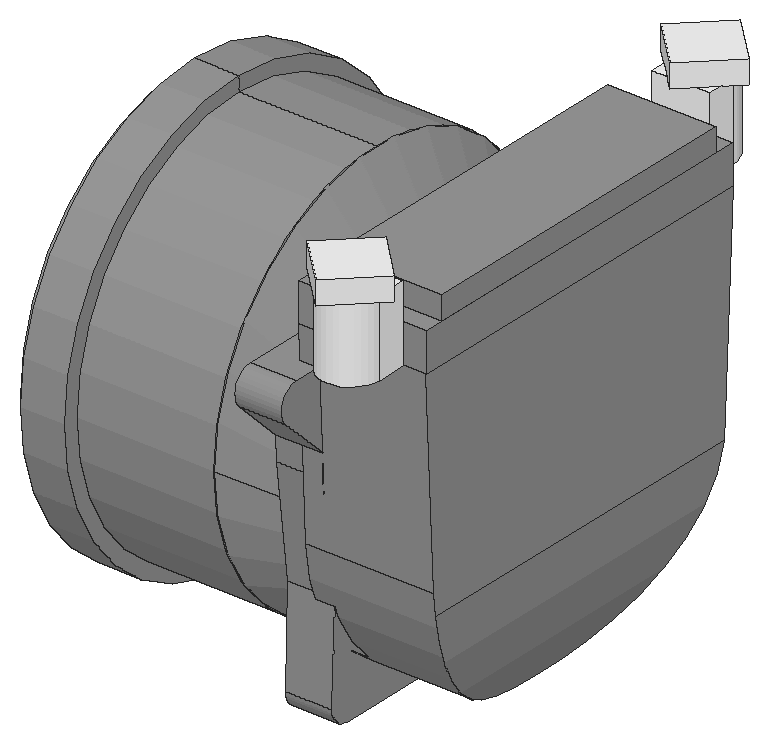
Revit family "HL_RU_Anti-flooding valve_HL720.0-A-171212", category Příslušenství trubek, Revit 2021
Family settings
  Kóta kulaté spojky = Použít průměr
  Typ dílu = Zakončení
  Číslo OmniClass = 23.65.55.14.21
  Nadpis OmniClass = Non-Return Valves for Liquid Services
  Založené na pracovní rovině = Ne
  Vždy vertikální = Ano
  Ořezat dutým tvarem při načtení = Ne
  Sdílené = Ne
Parameters (values of type "HL_Затвор_HL720.0")
  РАЗМЕР = "DN200"
  ПРОПУСКНАЯ СПОСОБНОСТЬ [instance] = 0.0 m³/h
  ПРАВОВАЯ ИНФОРМАЦИЯ = "\"Авторские права(©), права на дизайн или какие либо другие права интелектуальной собственности являются исключительной собственностью компании HL Hutterer & Lechner. Изменению не подлежит. Файл семейства с данными о прозводителе изделия защищен паролем с водяным знаком.\""
  ПАДЕНИЕ ДАВЛЕНИЯ [instance] = 0.0 Pa
  НОМИНАЛЬНЫЙ ДИАМЕТР = 200 mm
  МАТЕРИАЛ = "ABS"
  ВЫСОТА МОНТАЖА = "246 mm"
  ВЕС = "1,56 kg"
  Výrobce = "HL Hutterer & Lechner GmbH"
  Výchozí výška = 0 mm
  URL = "http://www.hutterer-lechner.com/ru/products/catalog/roof-drains/HL720.0.aspx"
  Popis = "Механический канализационный затвор"
  Model = "HL720.0"
  Komentáře k typům = "Затвор DN200 с заслонкой из нержавеющей стали и муфтой для труб из синтетического материала."
  Keynote = "HL720.0"
  EAN = "9003076172009"
  Cena = 0
Types (2, lengths in mm): name | URL | Popis | Komentáře k typům
  (no name) | "http://www.hutterer-lechner.com/en/products/catalog/roof-drains/HL720.0.aspx" | "Anti flood valves" | "anti-flood valve DN200 with stainless steel flap and socket for plastic pipes"
  HL_Затвор_HL720.0 | "http://www.hutterer-lechner.com/ru/products/catalog/roof-drains/HL720.0.aspx" | "Механический канализационный затвор" | "Затвор DN200 с заслонкой из нержавеющей стали и муфтой для труб из синтетического материала."
Values of the unnamed type that differ from the named types
  ПРАВОВАЯ ИНФОРМАЦИЯ = "\"Copyright (©), design rights or any other intellectual property rights, shall be the exclusive property of HL Hutterer & Lechner GmbH. Modification is not allowed. Family has been watermarked.\""
Reference planes
  plane 1 "Střed (vpředu/vzadu)": y = 0
  plane 2: z = 0
  plane 3 "Střed (vlevo/vpravo)": x = 0
Forms (mm)
  Extrusion 1, solid, material "Plastic - Orange", detail levels fine
    sketch origin (122, 0.5, 99.5) x (0, 1, 0) y (1, 0, 0)
      loop
        line (99.13, -83) -> (99.13, -17) -> (-98.87, -17) -> (-98.87, -83) -> (99.13, -83)
    from 0 to 20
  Sweep 2, solid, material "Plastic - Orange", detail levels fine
    path origin (122, 0.5, 111.5) x (1, 0, 0) y (0, 0, 1)
      loop
        line (-17, -32) -> (-83, -32)
    profile origin (72, 0.5, 79.5) x (0, 0, -1) y (0, -1, 0)
      loop
        line (0, -99.13) -> (104.005, -94.138)
        arc (104.005, -94.138) -> (166.421, -64.809) -> (189.998, 0) r 90.409
        arc (189.998, 0) -> (166.421, 64.809) -> (104.005, 94.138) r 90.409
        line (104.005, 94.138) -> (0, 99.13) -> (0, 0) -> (0, -99.13)
  Extrusion 3, solid, material "Plactic - White", detail levels fine
    sketch origin (38, 0.5, 111.5) x (1, 0, 0) y (0, 1, 0)
      loop
        line (40.5, 136.497) -> (17.873, 113.87) -> (40.5, 91.242) -> (63.127, 113.87) -> (40.5, 136.497)
    from 7.235 to 19.235
  Extrusion 4, solid, material "Plactic - White", detail levels fine
    sketch origin (38, 0.5, 118.735) x (0, 1, 0) y (1, 0, 0)
      loop
        line (113.87, 55.5) -> (98.52, 55.5) -> (98.52, 25.5) -> (113.87, 25.5)
        arc (113.87, 25.5) -> (128.87, 40.5) -> (113.87, 55.5) r 15
    from 0 to 39.235
  Extrusion 5, solid, material "Plastic - Orange", detail levels fine
    sketch origin (122, 0.5, 132.099) x (0, 1, 0) y (0, 0, 1)
      loop
        arc (-112.5, -69.599) -> (-121.739, -75.772) -> (-119.571, -86.67) r 10
        line (-119.571, -86.67) -> (-96.14, -110.101) -> (-95.533, -122.745) -> (-88.249, -181.291) -> (-90.006, -231.593)
        arc (-90.006, -231.593) -> (-87.075, -238.668) -> (-80, -241.599) r 10.006
        line (-80, -241.599) -> (0, -241.599) -> (80, -241.599)
        arc (80, -241.599) -> (87.075, -238.668) -> (90.006, -231.593) r 10.006
        line (90.006, -231.593) -> (88.249, -181.291) -> (95.533, -122.745) -> (96.14, -110.101) -> (119.571, -86.67)
        arc (119.571, -86.67) -> (121.739, -75.772) -> (112.5, -69.599) r 10
        line (112.5, -69.599) -> (0, -69.599) -> (-112.5, -69.599)
    from -97 to -73
  Revolve 6, solid, material "Plastic - Orange", detail levels fine
    sketch origin (122, 0.5, 111.5) x (1, 0, 0) y (0, 0, 1)
      loop
        line (-222, -111.5) -> (-122, -111.5) -> (-122, -6.5) -> (-193, -6.5) -> (-193, 0.981) -> (-215.833, 0.981) -> (-215.833, -6.5) -> (-222, -6.5) -> (-222, -111.5)
      axis (-122, -111.5) -> (-222, -111.5)
    angle from 0 to 360
  Blend 7, solid, material "Plastic - Orange", detail levels fine
    base sketch origin (122, 0.5, 111.5) x (0, 1, 0) y (0, 0, 1)
      loop
        circle (0, -111.5) r 105
    top sketch origin (122, 0.5, 111.5) x (0, 1, 0) y (0, 0, 1)
      loop
        circle (0, -129) r 80
    from -122 to -97
  Extrusion 8, solid, material "Plactic - White", detail levels fine
    sketch origin (38, -0.5, 111.5) x (1, 0, 0) y (0, 1, 0)
      loop
        line (40.5, -136.497) -> (63.127, -113.87) -> (40.5, -91.242) -> (17.873, -113.87) -> (40.5, -136.497)
    from 7.235 to 19.235
  Extrusion 9, solid, material "Plactic - White", detail levels fine
    sketch origin (38, -0.5, 118.735) x (0, 1, 0) y (1, 0, 0)
      loop
        arc (-113.87, 55.5) -> (-128.87, 40.5) -> (-113.87, 25.5) r 15
        line (-113.87, 25.5) -> (-98.52, 25.5) -> (-98.52, 55.5) -> (-113.87, 55.5)
    from 0 to 39.235
  Extrusion 10, void
    sketch origin (78.5, 0, 111.5) x (-1, 0, 0) y (0, 0, 1)
      loop
        arc (-2.405, -226) -> (-20.342, -188.295) -> (-26.5, -146.998) r 141.564
        line (-26.5, -146.998) -> (-31.5, -146.998) -> (-31.5, -226) -> (-2.405, -226)
    from -110 to 110
  Extrusion 11, solid, material "Plastic - Orange", detail levels fine
    sketch origin (78.5, 0, 111.5) x (-1, 0, 0) y (0, -1, 0)
      loop
        line (-26.5, 88.178) -> (-26.5, -88.749) -> (29.5, -88.749) -> (29.5, 88.178) -> (-26.5, 88.178)
    from -12 to 0
Cuts and joins
  Extrusion 10 cuts Sweep 2
Lines and regions (mm)
  symbolic lines, style "Symbol", detail levels coarse+medium
    curve 1: line (0, -104.5, 0) -> (0, 105.5, 0)
    curve 2: line (0, 0, 0) -> (105, 0, 0)
    curve 3: circle (205, 0, 0) r 100 normal (0, 0, 1)
  model lines, style "Symbol", detail levels coarse+medium
    curve 4: line (0, 0, -105) -> (0, 0, 105)
    curve 5: line (0, 0, 0) -> (105, 0, 0)
    curve 6: circle (205, 0, 0) r 100 normal (0, -1, 0)
Dimensions and locks
  aligned and locked: level to plane 2
Connectors
  piping at (0, 0, 0), diameter 200, driven by "ПАДЕНИЕ ДАВЛЕНИЯ", driven by "НОМИНАЛЬНЫЙ ДИАМЕТР", driven by "ПРОПУСКНАЯ СПОСОБНОСТЬ"
    settings: on plane 3 "Střed (vlevo/vpravo)", index 1, connector inside diameter 609.6 mm, connector length 0 mm, flow factor 0, pipe flow 0.0 m³/h, pressure drop 0.0 Pa, fitting loss kfactor 0, connector angle 0.00°, fixture units 0, engagement length 0 mm, angle of deflection 0.00°, flow configuration 0, flow direction 0, fitting loss method 4, system type 16, joint type 0, gender type 0, connector reference index -1, connector utility 0, adjustable connector no, is connector primary yes, connector description ""
